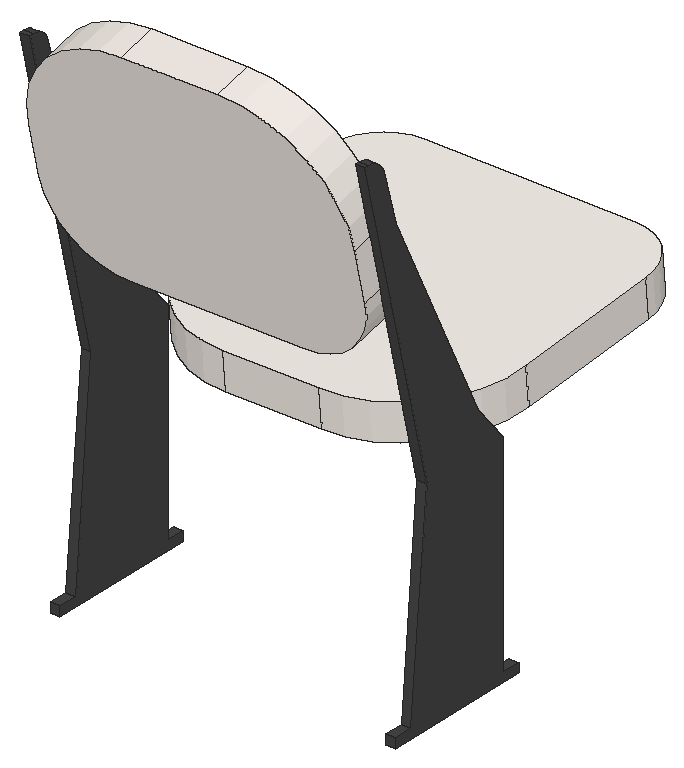
Revit family
Parameters (values of type "18" x 24" x 30"")
  Seat Material = Textile - Linen, Smooth
  Frame Material = Metal - Paint Finish - Dark Gray, Matte
  Assembly Code = "E2020200"
Reference planes (in)
  plane 1 "Center (Front/Back)": y = 7.47541
  plane 2: z = 0
  plane 3 "Center (Left/Right)": x = 6.32787
  plane 4: x = 15.32787
  plane 5: x = -2.67213
  plane 6: y = -4.52459
  plane 7: y = 19.47541
  plane 8: z = 30
  plane 9: z = 17.5
  plane 10: y = -0.52459
  plane 11: y = -2.52459
  plane 12: z = 28
  plane 13: z = 11.5
  plane 14: z = 13.5
  plane 15: y = 1.47541
  plane 16: z = 24.5
  plane 17: z = 28
  plane 18: y = -2.53271
  plane 19 "Seat": z = 11.5
  plane 20: through (0, 4.03108, 0.97922) normal (0, 0.9717, 0.2361)
  plane 21: through (0, -0.94929, 10.85042) normal (0, 0.0872, -0.9962)
  plane 22: y = 17.47541
  plane 23: x = 12.82787
  plane 24: x = -0.17213
Forms (in)
  Extrusion 1, solid, material "Metal - Paint Finish - Dark Gray, Matte" <- "Frame Material"
    sketch origin (15.32787, 0, 0) x (0, -1, 0) y (0, 0, 1)
      loop
        line (0.52459, 0) -> (0.52459, 0.5) -> (-0.47541, 0.5) -> (-1.47541, 11.5) -> (2.52459, 28) -> (2.27889, 28)
        arc (2.27889, 28) -> (1.6767, 27.79835) -> (1.31737, 27.27472) r 1
        line (1.31737, 27.27472) -> (0.52459, 24.5) -> (-4.79721, 13.5) -> (-6.47541, 11.5) -> (-6.47541, 0.5) -> (-7.47541, 0.5) -> (-7.47541, 0) -> (0.52459, 0)
    from 0 to 0.5
  Extrusion 2, solid, material "Metal - Paint Finish - Dark Gray, Matte" <- "Frame Material"
    sketch origin (-2.67213, 0, 0) x (0, -1, 0) y (0, 0, 1)
      loop
        line (-7.47541, 0) -> (0.52459, 0) -> (0.52459, 0.5) -> (-0.47541, 0.5) -> (-1.47541, 11.5) -> (2.52459, 28) -> (2.27889, 28)
        arc (2.27889, 28) -> (1.6767, 27.79835) -> (1.31737, 27.27472) r 1
        line (1.31737, 27.27472) -> (0.52459, 24.5) -> (-4.79721, 13.5) -> (-6.47541, 11.5) -> (-6.47541, 0.5) -> (-7.47541, 0.5) -> (-7.47541, 0)
    from 0 to -0.5
  Extrusion 3, solid, material "Textile - Linen, Smooth" <- "Seat Material"
    sketch origin (0, -0.94929, 10.85042) x (0, 0.996195, 0.087156) y (1, 0, 0)
      loop
        line (20.61532, 0.82787) -> (20.61532, 11.82787)
        arc (20.61532, 11.82787) -> (19.73664, 13.94919) -> (17.61532, 14.82787) r 3
        line (17.61532, 14.82787) -> (9.73294, 14.82787)
        arc (9.73294, 14.82787) -> (5.4903, 13.07051) -> (3.73294, 8.82787) r 6
        line (3.73294, 8.82787) -> (3.73294, 3.82787)
        arc (3.73294, 3.82787) -> (5.4903, -0.41477) -> (9.73294, -2.17213) r 6
        line (9.73294, -2.17213) -> (17.61532, -2.17213)
        arc (17.61532, -2.17213) -> (19.73664, -1.29345) -> (20.61532, 0.82787) r 3
    from 0 to -2
  Extrusion 4, solid, material "Textile - Linen, Smooth" <- "Seat Material"
    sketch origin (0, 4.03108, 0.97922) x (0, -0.236052, 0.97174) y (1, 0, 0)
      loop
        line (29.86249, 3.82787) -> (29.86249, 8.82787)
        arc (29.86249, 8.82787) -> (28.10513, 13.07051) -> (23.86249, 14.82787) r 6
        line (23.86249, 14.82787) -> (21.04127, 14.82787)
        arc (21.04127, 14.82787) -> (18.21284, 13.6563) -> (17.04127, 10.82787) r 4
        line (17.04127, 10.82787) -> (17.04127, 1.82787)
        arc (17.04127, 1.82787) -> (18.21284, -1.00056) -> (21.04127, -2.17213) r 4
        line (21.04127, -2.17213) -> (23.86249, -2.17213)
        arc (23.86249, -2.17213) -> (28.10513, -0.41477) -> (29.86249, 3.82787) r 6
    from -1 to 1
Lines and regions (in)
  Masking region 1
    outline origin (0, 0, 11.5) x (1, 0, 0) y (0, 1, 0)
      loop
        line (-2.67213, -2.55308) -> (-2.17048, -2.55308)
        spline (-2.17048, -2.55308) -> (-2.12305, -2.73089) -> (-1.98152, -2.90589) -> (-1.74813, -3.07531) -> (-1.42656, -3.23647) -> (-1.0219, -3.38683) -> (-0.54055, -3.524) -> (0.00988, -3.64583) -> (0.62069, -3.75038) -> (1.28222, -3.83599) -> (1.98402, -3.90133) -> (2.71498, -3.94534) -> (3.46355, -3.96735)
        line (3.46355, -3.96735) -> (3.84947, -3.98188) -> (8.82737, -3.98188)
        spline (8.82737, -3.98188) -> (9.6104, -3.96969) -> (10.38003, -3.93333) -> (11.12309, -3.87342) -> (11.82688, -3.79099) -> (12.47934, -3.68744) -> (13.06931, -3.56455) -> (13.58671, -3.42442) -> (14.02267, -3.26945) -> (14.36973, -3.10229) -> (14.62197, -2.92579) -> (14.77506, -2.74299) -> (14.82638, -2.55701)
        line (14.82638, -2.55701) -> (15.32787, -2.55701) -> (15.32787, 7.47541) -> (14.74395, 7.47541)
        arc (14.74395, 7.47541) -> (14.80685, 7.97365) -> (14.82787, 8.47541) r 6
        line (14.82787, 8.47541) -> (14.82787, 16.47541)
        arc (14.82787, 16.47541) -> (13.94919, 18.59673) -> (11.82787, 19.47541) r 3
        line (11.82787, 19.47541) -> (0.82787, 19.47541)
        arc (0.82787, 19.47541) -> (-1.29345, 18.59673) -> (-2.17213, 16.47541) r 3
        line (-2.17213, 16.47541) -> (-2.17213, 8.47541)
        arc (-2.17213, 8.47541) -> (-2.15111, 7.97365) -> (-2.08821, 7.47541) r 6
        line (-2.08821, 7.47541) -> (-2.67213, 7.47541) -> (-2.67213, -2.55308)
  symbolic lines
    curve 1: line (3.82787, 2.47541, 11.5) -> (8.82787, 2.47541, 11.5)
    curve 2: arc (14.82787, 8.47541, 11.5) -> (13.07051, 4.23277, 11.5) -> (8.82787, 2.47541, 11.5) r 6
    curve 3: arc (3.82787, 2.47541, 11.5) -> (-0.41477, 4.23277, 11.5) -> (-2.17213, 8.47541, 11.5) r 6
    curve 4: line (14.82787, 8.47541, 11.5) -> (14.82787, -2.52459, 11.5)
    curve 5: line (-2.17213, -2.52459, 11.5) -> (-2.17213, 8.47541, 11.5)
    curve 6: spline (1.82787, 0.9802, 11.5) -> (1.30576, 0.97212, 11.5) -> (0.79259, 0.94803, 11.5) -> (0.29714, 0.90833, 11.5) -> (-0.17213, 0.8537, 11.5) -> (-0.60718, 0.78508, 11.5) -> (-1.00056, 0.70365, 11.5) -> (-1.34554, 0.61079, 11.5) -> (-1.63623, 0.5081, 11.5) -> (-1.86765, 0.39733, 11.5) -> (-2.03583, 0.28037, 11.5) -> (-2.13791, 0.15924, 11.5) -> (-2.17213, 0.03599, 11.5)
    curve 7: spline (14.82787, 0.03599, 11.5) -> (14.79365, 0.15924, 11.5) -> (14.69157, 0.28037, 11.5) -> (14.52339, 0.39733, 11.5) -> (14.29197, 0.5081, 11.5) -> (14.00128, 0.61079, 11.5) -> (13.6563, 0.70365, 11.5) -> (13.26291, 0.78508, 11.5) -> (12.82787, 0.8537, 11.5) -> (12.3586, 0.90833, 11.5) -> (11.86315, 0.94803, 11.5) -> (11.34997, 0.97212, 11.5) -> (10.82787, 0.9802, 11.5)
    curve 8: line (10.82787, 0.9802, 11.5) -> (1.82787, 0.9802, 11.5)
Dimensions and locks (in)
  equal spacing: plane 5, plane 3 "Center (Left/Right)", plane 4
  equal spacing: plane 6, plane 1 "Center (Front/Back)", plane 7
  locked: plane 5 to plane 4 at 18
  locked: plane 6 to plane 7 at 24
  aligned and locked: curve 5 to Extrusion 2
  aligned and locked: plane 7 to Masking region 1 sketch curve
Automatic sketch dimensions
  curve 2 to plane 1 "Center (Front/Back)" = 0' - 1"
  curve 5 to plane 18 = 0' - 0.00812"
  plane 3 "Center (Left/Right)" to curve 3 = 0' - 2 1/2"
  curve 1 to plane 3 "Center (Left/Right)" = 0' - 2 1/2"
  curve 4 to plane 18 = 0' - 0.00812"
  Masking region 1 sketch curve to plane 5 = 0' - 0"
  Masking region 1 sketch curve to plane 1 "Center (Front/Back)" = 0' - 0"  (x2)
  Masking region 1 sketch curve to plane 4 = 0' - 0"
  Masking region 1 sketch curve to plane 5 = 0' - 0 1/2"
  plane 18 to Masking region 1 sketch curve = 0' - 0.02036"
  Masking region 1 sketch curve to plane 5 = 0' - 0.50165"
  Masking region 1 sketch curve to Masking region 1 sketch curve = 0' - 0.58392"  (x2)
  Masking region 1 sketch curve to plane 5 = 0' - 3 1/2"
  plane 18 to Masking region 1 sketch curve = 0' - 0.0243"
  plane 3 "Center (Left/Right)" to Masking region 1 sketch curve = 0' - 3.4995"
  Masking region 1 sketch curve to Masking region 1 sketch curve = 0' - 0.63519"
  Masking region 1 sketch curve to plane 6 = 0' - 0.55724"
  Masking region 1 sketch curve to plane 1 "Center (Front/Back)" = 0' - 1"
  Masking region 1 sketch curve to Masking region 1 sketch curve = 0' - 1.00033"
  Masking region 1 sketch curve to plane 6 = 0' - 0.54271"
  Masking region 1 sketch curve to Masking region 1 sketch curve = 0' - 0.38592"
  Masking region 1 sketch curve to plane 3 "Center (Left/Right)" = 0' - 2.4995"
  Masking region 1 sketch curve to plane 3 "Center (Left/Right)" = 0' - 2 1/2"
  plane 4 to Masking region 1 sketch curve = 0' - 3 1/2"
  plane 4 to Masking region 1 sketch curve = 0' - 0 1/2"
  plane 10 to curve 1 = 0' - 3"
  curve 8 to curve 1 = 0' - 2"
  curve 2 to curve 7 = 0' - 2"
  plane 4 to curve 7 = 0' - 0 1/2"
  plane 10 to curve 6 = 0' - 0.56058"
  plane 10 to curve 7 = 0' - 0.56058"
  curve 6 to curve 6 = 0' - 0.94421"
